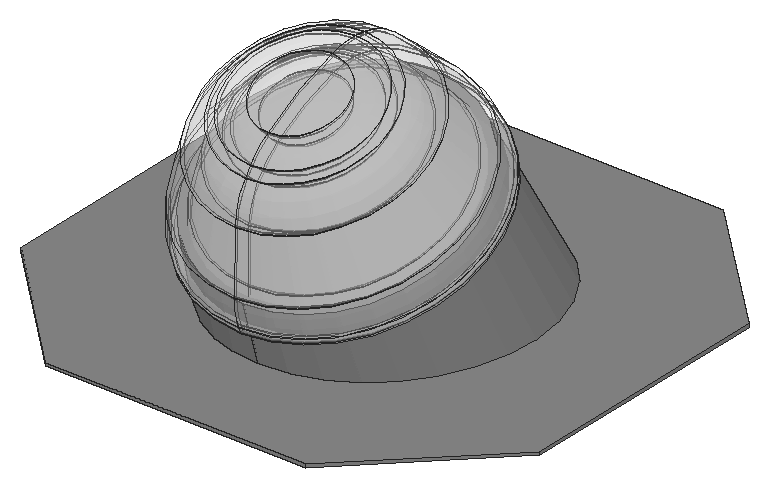
Revit family
Parameters (values of type "ByType")
  Wire Suspension Kit [instance] = yes
  Water Penetration = "No water penetration at 16.5 psf (ASTM E 331)"
  Warranty Duration (Years) = 10
  Visible Light Transmission = 92
  UL Fire Rating = "Class B"
  U Factor = 0.43
  Type Comments = "Type as Specified"
  Test Data [instance] = "http://cpd.nfrc.org/pubsearch/psLineDetails.asp?CPD=STU-K-2_10641"
  Structural Test Pressure = "Positive pressure of 110 psf and Negative pressure of 60 psf (ASTM E 330)"
  Specification [instance] = "http://www.arcat.com/sd/clients/solatube.html?coid=35591"
  SpecWizard [instance] = "http://www.arcat.com/specwizard/08625slt/index.htm?mf=&coid=35591"
  Send Message = "http://admin.arcat.com/users.pl?action=UserEmail&company=Solatube%20International%20Inc.&coid=35591&rep=147&fax=760-597-4488%20&mf="
  Sales Information [instance] = "http://www.solatube.com/commercial/brightenup.php"
  SHGC = 0.33
  Rough Width = 1' - 0"
  Rough Height = 1' - 0"
  Product Properties [instance] = "http://www.arcat.com/bim/bim_info.pl?fn=TDD_Solatube"
  Product Data [instance] = "http://www.arcat.com/clickthru.pl?coid=35591&prodid=2973&loc=www.solatube.com/residential/brightenup.php"
  Photometric Data [instance] = "http://www.solatube.com/downloads/lumens.pdf"
  Outer Dome = Dome_Acrylic
  Model = "As Specified in 08 62 00"
  Manufacturer Website = "http://www.solatube.com"
  Manufacturer Phone - Toll Free = "888-765-2882"
  Manufacturer Phone = "760-597-4400"
  Manufacturer Fax = "760-597-4488"
  Manufacturer Address = "2210 Oak Ridge Way Vista CA  92081"
  Manufacturer = "Solatube International Inc."
  Maintenance Schedule (Months) = 0
  MSDS [instance] = "http://www.solatube.com/commercial/technical_resources.php"
  Is Hurricane Zone (HVHZ) Compliant = no
  Inner Dome = None
  Incandescent Light System [instance] = yes
  Flashing Type = Pitched Flashing : FPT 160
  Flashing Material = Flashing_Steel - ASTM A653 - Black
  Extension Tubes [instance] = 0
  EDCS Area_in2 = 160
  Keynote = "08 62 00"
  Installation-Fabrication [instance] = "http://www.solatube.com/downloads/2007/install/160DS_290DS.pdf"
  Installation Phase = "{Roof}{Retrofit}"
  Green Building-LEED [instance] = "http://www.arcat.com/green/leed_info.php?coid=35591&prodid=2973&mf="
  Flashing Thickness = 0' - 0 1/16"
  Expected Lifespan (Years) = 0
  ENERGYSTAR Qualified = if(and(U Factor < 0.601, SHGC < 1), "N, N/C, S/C, S", if(and(U Factor < 0.601, SHGC < 0.401), "N/C and S/C", if(and(U Factor < 0.751, SHGC < 0.401), "S", "Non-Compliant")))  # "N, N/C, S/C, S"
  Drawn By = "Robert S. Weygant. CSI, CDT, SCIP"
  Dome = 160 Dome : DI
  Description = "Solatube Tubular Taylighting Device (TDD) as Specified in 08 62 00"
  Daylight Dimmer Kit [instance] = yes
  Copyright = "2008, ARCAT, Inc."
  Construction Type = "{New}{Retrofit}"
  Construction Details [instance] = "http://www.arcat.com/details/solatube/prod0437.html"
  Compact Flourescent Light System [instance] = yes
  Building Codes [instance] = "http://www.solatube.com/commercial/technical_resources.php"
  Mounting Height [instance] = 0' - 0"
  Assembly Code = "B3020110"
  Air Infiltration = "0.3 cfm/ft2 at 1.57 psf (ASTM E 283)"
  0-90 Angle Extension Tubes [instance] = 0
Reference planes (in)
  plane 1 "Center (Front/Back)": y = 0
  plane 2 "Roof": z = 159.05758
  plane 3 "Center (Left/Right)": x = 0
  plane 4 "Ceiling": z = 0
  plane 5 "Base": z = 165.05758
  plane 6 "Roof Face": z = 165.05758
Lines and regions (in)
  Opening 1
    outline origin (-0.22623, 0, 165.05758) x (0, 1, 0) y (-1, 0, 0)
      loop
        circle (0, -0.22623) r 6
  sketch lines
    curve 1: line (-60.22623, 60, 0) -> (59.77377, 60, 0)
    curve 2: line (-60.22623, 60, 0) -> (-60.22623, -60, 0)
    curve 3: line (-60.22623, -60, 0) -> (59.77377, -60, 0)
    curve 4: line (59.77377, 60, 0) -> (59.77377, -60, 0)
Dimensions and locks (in)
  curve 2 to plane 3 "Center (Left/Right)" to curve 4 = 5' - 0.22623", 4' - 11.77377"
  equal spacing: curve 3, plane 1 "Center (Front/Back)", curve 1
  locked: plane 5 "Base" to plane 6 "Roof Face"
  locked: nested 1 to host roof at 1.46369
  locked: nested 1 to host roof at 6.34453
  "Rough Width": Opening 1 sketch curve to Opening 1 sketch curve
  locked: plane 6 "Roof Face" to nested 2 at 0.125
  aligned and locked: plane 2 "Roof" to level
  aligned and locked: level to host roof
  aligned and locked: plane 6 "Roof Face" to host roof
  aligned and locked: nested 2 to plane 3 "Center (Left/Right)"
  aligned and locked: plane 1 "Center (Front/Back)" to Opening 1 sketch curve
  aligned and locked: plane 3 "Center (Left/Right)" to Opening 1 sketch curve
  aligned and locked: nested 1 to nested 2
  aligned and locked: plane 3 "Center (Left/Right)" to nested 1
Nested families (in)
  nested 1: "160 Dome" at (0, 0.56559, 170.12793) x (0, 0.9135, 0.4067) z (0, -0.4067, 0.9135), type <- "Dome", type "DI"
  nested 2: "Pitched Flashing" at (7.2923, 0, 164.93258) x (-1, 0, 0) z (0, 0, 1), type <- "Flashing Type", Flashing Material <- "Flashing Material", type "FPT 160"
    with Flashing Material Flashing_Steel - ASTM A653 - Black
Definition of nested family "160 Dome"
  Parameters (values of type "DI")
    Lens = Dome_Acrylic
    Inner Dome = yes
    Default Elevation = 4' - 0"
    Assembly Code = ""
  Types (2): name | Inner Dome
    DA | no
    DI | yes
  Reference planes (in)
    plane 1 "Center (Front/Back)": y = 0
    plane 2 "Bottom": z = 0
    plane 3 "Center (Left/Right)": x = -2.86731
    plane 4: z = 6
    plane 5: x = -8.86731
    plane 6: z = 6
    plane 7: x = -8.86731
    plane 8: z = 1
  Forms (in)
    Revolve 1, solid, material "Dome_Acrylic" <- "Lens"
      sketch origin (0, 0, 0) x (1, 0, 0) y (0, 0, 1)
        loop
          line (-2.86731, 6) -> (-4.72285, 5.83766)
          arc (-4.72285, 5.83766) -> (-5.33681, 5.71554) -> (-5.90978, 5.46342) r 2.875
          line (-5.90978, 5.46342) -> (-6.30481, 5.23535)
          arc (-6.30481, 5.23535) -> (-6.98698, 4.68785) -> (-7.47295, 3.96056) r 2.875
          line (-7.47295, 3.96056) -> (-8.59795, 1.54799)
          arc (-8.59795, 1.54799) -> (-8.79916, 0.95522) -> (-8.86731, 0.33296) r 2.875
          line (-8.86731, 0.33296) -> (-8.86731, 0) -> (-8.74231, 0) -> (-8.74231, 0.33296)
          arc (-8.74231, 0.33296) -> (-8.67713, 0.92817) -> (-8.48466, 1.49516) r 2.75
          line (-8.48466, 1.49516) -> (-7.35966, 3.90773)
          arc (-7.35966, 3.90773) -> (-6.89482, 4.6034) -> (-6.24231, 5.1271) r 2.75
          line (-6.24231, 5.1271) -> (-5.84728, 5.35517)
          arc (-5.84728, 5.35517) -> (-5.29922, 5.59632) -> (-4.71196, 5.71314) r 2.75
          line (-4.71196, 5.71314) -> (-2.86731, 5.87452) -> (-2.86731, 6)
        axis (-2.86731, 6) -> (-2.86731, 0)
      angle from 0 to 360
    Revolve 2, solid, material "Dome_Acrylic" <- "Lens", visible <- "Inner Dome"
      sketch origin (0, 0, 0) x (1, 0, 0) y (0, 0, 1)
        loop
          line (-2.86731, 5.25) -> (-4.49091, 5.10795)
          arc (-4.49091, 5.10795) -> (-5.02812, 5.0011) -> (-5.52947, 4.7805) r 2.51563
          line (-5.52947, 4.7805) -> (-5.87512, 4.58093)
          arc (-5.87512, 4.58093) -> (-6.47202, 4.10187) -> (-6.89724, 3.46549) r 2.51563
          line (-6.89724, 3.46549) -> (-7.88162, 1.35449)
          arc (-7.88162, 1.35449) -> (-8.05768, 0.83582) -> (-8.11731, 0.29134) r 2.51563
          line (-8.11731, 0.29134) -> (-8.11731, 0.10373) -> (-8.86731, 0.10373) -> (-8.86731, 0) -> (-8.00794, 0) -> (-8.00794, 0.29134)
          arc (-8.00794, 0.29134) -> (-7.9509, 0.81215) -> (-7.78249, 1.30826) r 2.40625
          line (-7.78249, 1.30826) -> (-6.79811, 3.41926)
          arc (-6.79811, 3.41926) -> (-6.39139, 4.02798) -> (-5.82044, 4.48621) r 2.40625
          line (-5.82044, 4.48621) -> (-5.47478, 4.68577)
          arc (-5.47478, 4.68577) -> (-4.99523, 4.89678) -> (-4.48138, 4.99899) r 2.40625
          line (-4.48138, 4.99899) -> (-2.86731, 5.14021) -> (-2.86731, 5.25)
        axis (-2.86731, 5.25) -> (-2.86731, 0)
      angle from 0 to 360
  Dimensions and locks (in)
    locked: plane 8 to plane 2 "Bottom" at 1
    aligned and locked: Revolve 1 sketch curve to plane 3 "Center (Left/Right)"
    aligned and locked: Revolve 2 sketch curve to plane 7
Definition of nested family "Pitched Flashing"
  Parameters (values of type "FPT 290")
    ang = Flashing Size / 4  # 0' - 6 5/16"
    Toprad = 0' - 7 1/2"
    Thk = 0' - 0 1/8"
    Opening = 0' - 8"
    Inttoprad = Toprad - Thk  # 0' - 7 3/8"
    IntBaserad = Baserad - Thk  # 0' - 8 3/8"
    Flashing Size = 2' - 1 1/4"
    Flashing Material [instance] = Poche
    Default Elevation = 4' - 0"
    Baserad = Toprad + 0' 1"  # 0' - 8 1/2"
    Baseht = 0' - 9 1/4"
    Assembly Code = ""
  Types (4): name | ang | Toprad | Opening | Inttoprad | IntBaserad | Flashing Size | Baserad | Baseht
    FPT 160 | 0' - 5 1/2" | 0' - 5 1/2" | 0' - 5" | 0' - 5 3/8" | 0' - 6 3/8" | 1' - 10" | 0' - 6 1/2" | 0' - 8 3/8"
    FPT 290 | 0' - 6 5/16" | 0' - 7 1/2" | 0' - 8" | 0' - 7 3/8" | 0' - 8 3/8" | 2' - 1 1/4" | 0' - 8 1/2" | 0' - 9 1/4"
    FPM 160 | 0' - 5 1/2" | 0' - 5 1/2" | 0' - 5" | 0' - 5 3/8" | 0' - 6 3/8" | 1' - 10" | 0' - 6 1/2" | 0' - 8 3/8"
    FPM 290 | 0' - 6 5/16" | 0' - 7 1/2" | 0' - 8" | 0' - 7 3/8" | 0' - 8 3/8" | 2' - 1 1/4" | 0' - 8 1/2" | 0' - 9 1/4"
  Reference planes (in)
    plane 1 "Center (Front/Back)": y = 0
    plane 2: z = 0
    plane 3 "Center (Left/Right)": x = 7.2923
    plane 4: x = -5.3327
    plane 5: x = 19.9173
    plane 6: y = 12.625
    plane 7: y = -12.625
    plane 8 "Lens Line": through (0, 9.30191, 1.89669) normal (0, -0.4067, -0.9135)
  Forms (in)
    Extrusion 1, solid, material "Poche" <- "Flashing Material"
      sketch origin (0, 0, 0) x (1, 0, 0) y (0, 1, 0)
        loop
          line (0.9798, 12.625) -> (-5.3327, 6.3125) -> (-5.3327, -6.3125) -> (0.9798, -12.625) -> (13.6048, -12.625) -> (19.9173, -6.3125) -> (19.9173, 6.3125) -> (13.6048, 12.625) -> (0.9798, 12.625)
        loop
          circle (7.2923, 0) r 8
      from 0 to 0.125
    Blend 2, solid, material "Poche" <- "Flashing Material"
      base sketch origin (0, 1.08029, 1.87009) x (0, -0.913545, 0.406737) y (1, 0, 0)
        loop
          circle (0, 7.2923) r 8.5
      top sketch origin (0, 1.08029, 1.87009) x (0, -0.913545, 0.406737) y (1, 0, 0)
        loop
          circle (0, 7.2923) r 7.5
      from -5.88166 to 3.36834
    Extrusion 3, void
      sketch origin (0, 0, 0) x (1, 0, 0) y (0, 1, 0)
        loop
          line (1.7923, 12.625) -> (-5.3327, 5.5) -> (-5.3327, -5.5) -> (1.7923, -12.625) -> (12.7923, -12.625) -> (19.9173, -5.5) -> (19.9173, 5.5) -> (12.7923, 12.625) -> (1.7923, 12.625)
      from 0 to -14.07526
    Blend 4, void
      base sketch origin (0, 1.31282, 2.27784) x (0, -0.913545, 0.406737) y (1, 0, 0)
        loop
          circle (0, 7.2923) r 8.375
      top sketch origin (0, 1.31282, 2.27784) x (0, -0.913545, 0.406737) y (1, 0, 0)
        loop
          circle (0, 7.2923) r 7.375
      from -6.34875 to 2.02625
  Cuts and joins
    Extrusion 3 cuts Extrusion 1
    Extrusion 3, Blend 4 cuts Blend 2
  Dimensions and locks (in)
    "Thk": Extrusion 1 to Extrusion 1
    "Baseht": Blend 2 to Blend 2
    equal spacing: plane 4, plane 3 "Center (Left/Right)", plane 5
    "Flashing Size": plane 4 to plane 5
    equal spacing: plane 6, plane 1 "Center (Front/Back)", plane 7
    "Flashing Size": plane 6 to plane 7
    "ang": Extrusion 1 sketch curve to plane 5  (x2)
    "ang": plane 4 to Extrusion 1 sketch curve  (x2)
    "ang": plane 6 to Extrusion 1 sketch curve  (x2)
    "ang": Extrusion 1 sketch curve to plane 7  (x2)
    "Baserad": radius of Blend 2 sketch curve
    "Toprad": radius of Blend 2 sketch curve
    "IntBaserad": radius of Blend 4 sketch curve
    "Inttoprad": radius of Blend 4 sketch curve
    "Opening": radius of Extrusion 1 sketch curve
    aligned and locked: plane 3 "Center (Left/Right)" to Blend 2
    aligned and locked: plane 3 "Center (Left/Right)" to Blend 4
    aligned and locked: Extrusion 1 sketch curve to plane 4
    aligned and locked: plane 6 to Extrusion 1 sketch curve
    aligned and locked: plane 5 to Extrusion 1 sketch curve
    aligned and locked: Extrusion 1 sketch curve to plane 7
    aligned and locked: plane 8 "Lens Line" to cut or joined group of Blend 2, Extrusion 3, Blend 4
  Automatic sketch dimensions
    Extrusion 1 sketch curve to plane 1 "Center (Front/Back)" = 0' - 0"
    Extrusion 1 sketch curve to plane 3 "Center (Left/Right)" = 0' - 0"
    Blend 2 sketch curve to plane 3 "Center (Left/Right)" = 0' - 0"  (x2)
    Blend 4 sketch curve to plane 3 "Center (Left/Right)" = 0' - 0"  (x2)
    Extrusion 3 sketch curve to plane 4 = 0' - 0"
    Extrusion 3 sketch curve to plane 6 = 0' - 0"
    Extrusion 3 sketch curve to plane 5 = 0' - 0"
    Extrusion 3 sketch curve to plane 7 = 0' - 0"
    Extrusion 3 sketch curve to plane 3 "Center (Left/Right)" = 0' - 5 1/2"  (x2)
    plane 3 "Center (Left/Right)" to Extrusion 3 sketch curve = 0' - 5 1/2"  (x2)
    plane 1 "Center (Front/Back)" to Extrusion 3 sketch curve = 0' - 5 1/2"  (x2)
    Extrusion 3 sketch curve to plane 1 "Center (Front/Back)" = 0' - 5 1/2"  (x2)
